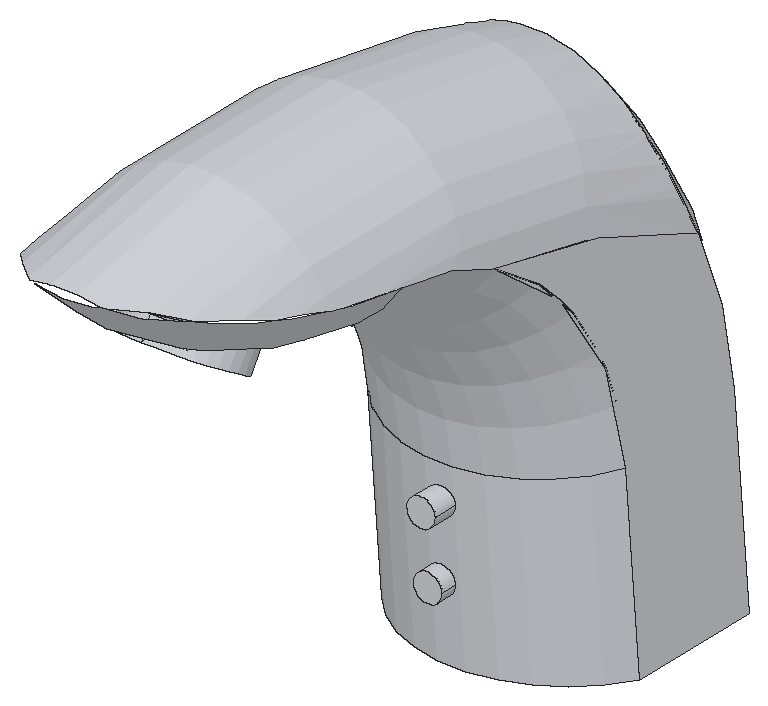
Revit family "ENM6120", category Generic Models, Revit 2015
Parameters
  URL = "WWW.YEPSKETCH.COM"
  Model = "ENM6120"
  Manufacturer = "ENWARE"
  Author = "YEPSKETCH"
Reference planes
  plane 1 "Center (Front/Back)": y = 0
  plane 2: z = 0
  plane 3 "Center (Left/Right)": x = 0
  plane 4: y = -96
  plane 5: z = 121
  plane 6: z = 92
Forms (mm)
  Sweep 1, solid
    path origin (0, -15.829, -1.356) x (0, 1, 0) y (0, 0, 1)
      loop
        line (-4.315, -7.833) -> (-8.672, 41.977)
        arc (-8.672, 41.977) -> (-23.908, 75.424) -> (-56.791, 91.843) r 55.082
        arc (-56.791, 91.843) -> (-87.275, 101.76) -> (-111.839, 122.356) r 84.165
    profile origin (0, -22.323, 15.715) x (0, -0.996195, -0.087156) y (1, 0, 0)
      loop
        arc (-11.53, -27) -> (4.323, 0) -> (-11.53, 27) r 30.918
        line (-11.53, 27) -> (-40, 27)
        arc (-40, 27) -> (-51.677, 0) -> (-40, -27) r 37.054
        line (-40, -27) -> (-11.53, -27)
  Revolve 2, solid
    sketch origin (0, -16.511, -15.555) x (0, 0.987688, -0.156434) y (0, 0.156434, 0.987688)
      loop
        line (-96, 92) -> (-93.904, 97.189) -> (-105.202, 101.754) -> (-107.075, 97.118) -> (-96, 92)
      axis (-93.904, 97.189) -> (-96, 92)
    angle from 0 to 360
  Extrusion 3, solid
    sketch origin (0, 0, 0) x (1, 0, 0) y (0, 0, 1)
      loop
        circle (0, 32.618) r 3
    from 28.13 to 33.279
  Extrusion 4, solid
    sketch origin (0, 0, -15) x (1, 0, 0) y (0, 0, 1)
      loop
        circle (0, 32.618) r 3
    from 28.13 to 31.544
  Sweep 5, void
    path origin (0, 0, -25) x (0, 1, 0) y (0, 0, 1)
      loop
        arc (50.03, 71.583) -> (-35.604, 117.199) -> (-132.436, 111.064) r 177.794
    profile origin (0, -35.604, 92.199) x (0, -0.211478, -0.977383) y (1, 0, 0)
      loop
        arc (-0.118, -27) -> (-27.118, 0) -> (-0.118, 27) r 27
        arc (-0.118, 27) -> (-49.294, 0) -> (-0.118, -27) r 32
  Extrusion 6, void
    sketch origin (0, 0, 0) x (0, 1, 0) y (0, 0, 1)
      loop
        line (-122.563, 124.749) -> (-67.563, 124.749) -> (-67.563, 159.749) -> (-122.563, 159.749) -> (-122.563, 124.749)
    from -32.818 to 35.911
  Extrusion 7, void
    sketch origin (0, 0, 0) x (0, 1, 0) y (0, 0, 1)
      loop
        line (-27.38, 0) -> (-27.38, -15) -> (44.585, -15) -> (44.585, 0) -> (-27.38, 0)
    from -54.239 to 35.911
Cuts and joins
  Sweep 5, Extrusion 6, Extrusion 7 cuts Sweep 1
Dimensions and locks
  aligned and locked: plane 2 to level
